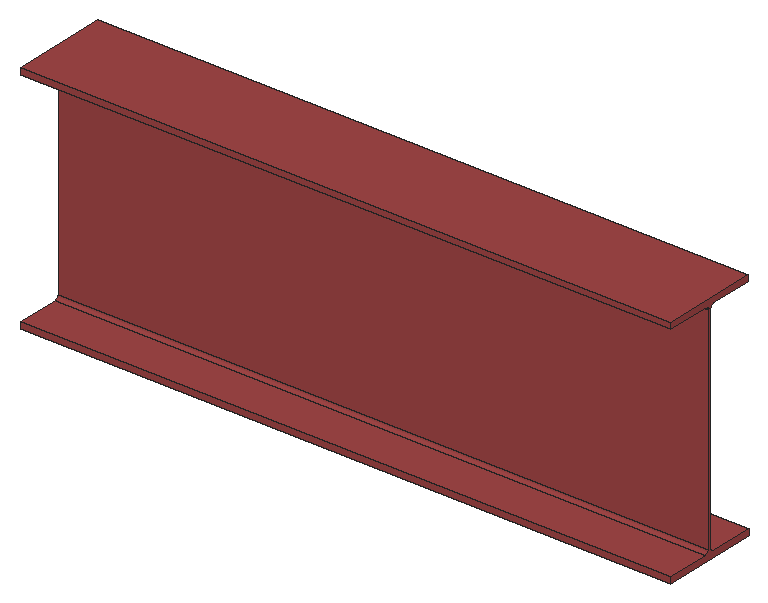
Revit family "Viga_Aco_Lam_UB", category Structural Framing, Revit 2025
Family settings
  Structural Framing Length Roundoff = 0 mm
  Section Shape = I-shape Parallel Flange
  Material for Model Behavior = Steel
  Always export as geometry = No
  OmniClass Number = 23.25.30.11.14.14
  OmniClass Title = Beams
  Always vertical = Yes
  Cut with Voids When Loaded = No
  Symbolic Representation = From Project Settings
  Shared = No
  Show family pre-cut in plan views = No
Parameters (values of type "VIG_MET_060x250")
  W = 0
  Structural Material [instance] = CT_Estrutura_Metalica
  Mensula_L = 200 mm
  Mensula_H_Menor = 200 mm
  Mensula_H_Maior = 1000 mm
  Assembly Code = ""
  Ix = 8503
  Length [instance] = 2500 mm
  M = 40.3
  Nominal h = "305"
  Zx = 560
  b = 250 mm
  h = 600 mm
  r = 8.9 mm
  s = 6 mm
  t = 15 mm
  A = 0.005 m²
Types (2, lengths in mm): name | Structural Material | b | h
  VIG_MET_060x250 | CT_Estrutura_Metalica | 250 | 600
  VIG_MET_120x350 | none | 350 | 1200
Reference planes
  plane 1 "Center (Front/Back)": y = 0
  plane 2: z = 0
  plane 3 "Center (Left/Right)": x = 229.81
  plane 4 "Member Left": x = -604.99
  plane 5 "Member Right": x = 1064.61
  plane 6: y = 125
  plane 7: y = -125
  plane 8 "Top": z = 300
  plane 9: z = -300
  plane 10 "Left": x = -1020.19
  plane 11 "Right": x = 1479.81
Forms (mm)
  Sweep 1, solid, material "CT_Estrutura_Metalica" <- "Structural Material", detail levels fine
    path origin (0, 0, 0) x (1, 0, 0) y (0, 1, 0)
      loop
        line (1064.61, 0) -> (-604.99, 0)
    profile "M_W-Wide Flange-Profile-Fine : M_W-Wide Flange-Profile-Fine" origin (229.81, 0, 0) x (0, -1, 0) y (0, 0, 1)
      loop
        line (-125, -300) -> (125, -300) -> (125, -285) -> (11.9, -285)
        arc (11.9, -285) -> (5.607, -282.393) -> (3, -276.1) r 8.9
        line (3, -276.1) -> (3, 276.1)
        arc (3, 276.1) -> (5.607, 282.393) -> (11.9, 285) r 8.9
        line (11.9, 285) -> (125, 285) -> (125, 300) -> (-125, 300) -> (-125, 285) -> (-11.9, 285)
        arc (-11.9, 285) -> (-5.607, 282.393) -> (-3, 276.1) r 8.9
        line (-3, 276.1) -> (-3, -276.1)
        arc (-3, -276.1) -> (-5.607, -282.393) -> (-11.9, -285) r 8.9
        line (-11.9, -285) -> (-125, -285) -> (-125, -300)
  Sweep 2, solid, material "CT_Estrutura_Metalica" <- "Structural Material", detail levels medium
    path origin (0, 0, 0) x (1, 0, 0) y (0, 1, 0)
      loop
        line (1064.61, 0) -> (-604.99, 0)
    profile "M_W-Wide Flange-Profile-Medium : M_W-Wide Flange-Profile-Medium" origin (229.81, 0, 0) x (0, -1, 0) y (0, 0, 1)
      loop
        line (-125, -300) -> (125, -300) -> (125, -285) -> (3, -285) -> (3, 285) -> (125, 285) -> (125, 300) -> (-125, 300) -> (-125, 285) -> (-3, 285) -> (-3, -285) -> (-125, -285) -> (-125, -300)
Lines and regions (mm)
  symbolic lines, style "Hidden Faces", detail levels medium+fine
    curve 1: line (1064.61, -3, 0) -> (-604.99, -3, 0)
    curve 2: line (1064.61, 3, 0) -> (-604.99, 3, 0)
  symbolic lines, style "Stick Symbols", detail levels coarse
    curve 3: line (229.81, 125, 300) -> (229.81, -125, 300)
    curve 4: line (229.81, -125, -300) -> (229.81, 125, -300)
    curve 5: line (229.81, 0, 300) -> (229.81, 0, -300)
Dimensions and locks
  "b": plane 6 to plane 7
  "h": plane 9 to plane 8 "Top"
  equal spacing: plane 9, plane 2, plane 8 "Top"
  equal spacing: plane 6, plane 1 "Center (Front/Back)", plane 7
  "Length": plane 10 "Left" to plane 11 "Right"
  equal spacing: plane 10 "Left", plane 3 "Center (Left/Right)", plane 11 "Right"
  equal spacing: plane 4 "Member Left", plane 3 "Center (Left/Right)", plane 5 "Member Right"
  aligned and locked: Sweep 1 sketch curve to plane 1 "Center (Front/Back)"
  aligned and locked: Sweep 2 sketch curve to plane 1 "Center (Front/Back)"
  aligned and locked: Sweep 2 to curve 3  (x2)
  aligned and locked: Sweep 2 to curve 4  (x2)
  aligned and locked: curve 4 to Sweep 2
  aligned and locked: curve 3 to Sweep 2
  aligned and locked: plane 4 "Member Left" to Sweep 2 sketch curve
  aligned and locked: plane 5 "Member Right" to Sweep 2 sketch curve
  aligned and locked: plane 4 "Member Left" to Sweep 1 sketch curve
  aligned and locked: plane 5 "Member Right" to Sweep 1 sketch curve
  aligned and locked: plane 4 "Member Left" to curve 1
  aligned and locked: plane 4 "Member Left" to curve 2
  aligned and locked: plane 5 "Member Right" to curve 1
  aligned and locked: plane 5 "Member Right" to curve 2
Automatic sketch dimensions
  plane 1 "Center (Front/Back)" to curve 1 = 3 mm
  curve 2 to plane 1 "Center (Front/Back)" = 3 mm
  curve 5 to plane 1 "Center (Front/Back)" = 0 mm
